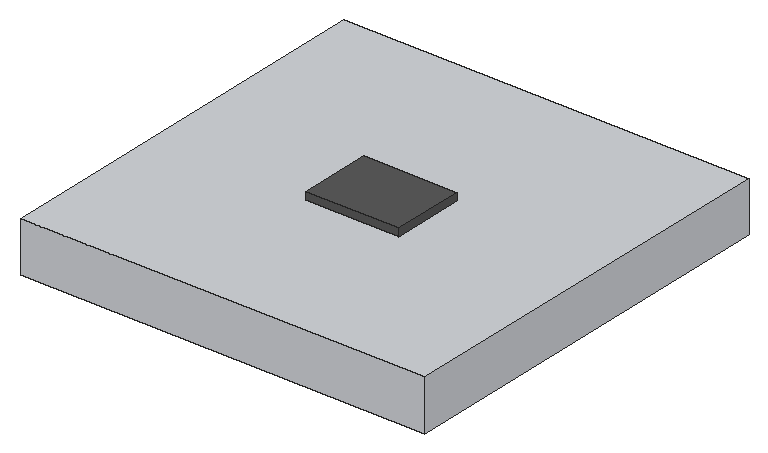
Revit family "r2018_videomax_videoserver_stoechnogo_ispolneniya", category Устройства связи, Revit 2018 (continued)
Definition of nested family "videomax_19pro1u"
  Lines and regions (mm)
    model lines, visible <- "Front_500", detail levels fine
      curve 217: circle (-27.021, 36.431, 0) r 1.924 normal (0, 0, 1)
      curve 218: circle (-22.907, 39.638, 0) r 1.924 normal (0, 0, 1)
      curve 219: circle (-18.794, 36.336, 0) r 1.924 normal (0, 0, 1)
      curve 220: circle (-14.68, 39.543, 0) r 1.924 normal (0, 0, 1)
      curve 221: circle (-10.566, 36.242, 0) r 1.924 normal (0, 0, 1)
      curve 222: circle (-6.452, 39.449, 0) r 1.924 normal (0, 0, 1)
      curve 223: circle (-2.338, 36.431, 0) r 1.924 normal (0, 0, 1)
      curve 224: circle (1.775, 39.638, 0) r 1.924 normal (0, 0, 1)
      curve 225: circle (5.889, 36.195, 0) r 1.924 normal (0, 0, 1)
      curve 226: circle (10.003, 39.402, 0) r 1.924 normal (0, 0, 1)
      curve 227: circle (14.116, 36.336, 0) r 1.924 normal (0, 0, 1)
      curve 228: circle (18.23, 39.543, 0) r 1.924 normal (0, 0, 1)
      curve 229: circle (22.344, 36.242, 0) r 1.924 normal (0, 0, 1)
      curve 230: circle (26.458, 39.449, 0) r 1.924 normal (0, 0, 1)
      curve 231: circle (30.571, 36.431, 0) r 1.924 normal (0, 0, 1)
      curve 232: circle (34.685, 39.638, 0) r 1.924 normal (0, 0, 1)
      curve 233: circle (38.799, 36.336, 0) r 1.924 normal (0, 0, 1)
      curve 234: circle (42.912, 39.543, 0) r 1.924 normal (0, 0, 1)
      curve 235: circle (55.254, 36.431, 0) r 1.924 normal (0, 0, 1)
      curve 236: circle (59.368, 39.638, 0) r 1.924 normal (0, 0, 1)
      curve 237: circle (47.026, 36.242, 0) r 1.924 normal (0, 0, 1)
      curve 238: circle (51.14, 39.449, 0) r 1.924 normal (0, 0, 1)
      curve 239: circle (63.481, 36.195, 0) r 1.924 normal (0, 0, 1)
      curve 240: circle (67.595, 39.402, 0) r 1.924 normal (0, 0, 1)
      curve 241: circle (71.709, 36.336, 0) r 1.924 normal (0, 0, 1)
      curve 242: circle (75.822, 39.543, 0) r 1.924 normal (0, 0, 1)
      curve 243: circle (79.936, 36.242, 0) r 1.924 normal (0, 0, 1)
      curve 244: circle (84.05, 39.449, 0) r 1.924 normal (0, 0, 1)
      curve 245: circle (88.164, 36.431, 0) r 1.924 normal (0, 0, 1)
      curve 246: circle (92.277, 39.638, 0) r 1.924 normal (0, 0, 1)
      curve 247: circle (96.391, 36.336, 0) r 1.924 normal (0, 0, 1)
      curve 248: circle (100.505, 39.543, 0) r 1.924 normal (0, 0, 1)
      curve 249: circle (104.619, 36.242, 0) r 1.924 normal (0, 0, 1)
      curve 250: circle (108.732, 39.449, 0) r 1.924 normal (0, 0, 1)
      curve 251: circle (112.846, 36.431, 0) r 1.924 normal (0, 0, 1)
      curve 252: circle (116.96, 39.638, 0) r 1.924 normal (0, 0, 1)
      curve 253: circle (121.074, 36.195, 0) r 1.924 normal (0, 0, 1)
      curve 254: circle (125.187, 39.402, 0) r 1.924 normal (0, 0, 1)
      curve 255: circle (129.301, 36.336, 0) r 1.924 normal (0, 0, 1)
      curve 256: circle (133.415, 39.543, 0) r 1.924 normal (0, 0, 1)
      curve 257: circle (137.528, 36.242, 0) r 1.924 normal (0, 0, 1)
      curve 258: circle (141.642, 39.449, 0) r 1.924 normal (0, 0, 1)
      curve 259: circle (145.756, 36.431, 0) r 1.924 normal (0, 0, 1)
      curve 260: circle (149.87, 39.638, 0) r 1.924 normal (0, 0, 1)
      curve 261: circle (153.676, 36.431, 0) r 1.924 normal (0, 0, 1)
      curve 262: circle (157.79, 39.638, 0) r 1.924 normal (0, 0, 1)
      curve 263: circle (170.131, 36.525, 0) r 1.924 normal (0, 0, 1)
      curve 264: circle (174.245, 39.732, 0) r 1.924 normal (0, 0, 1)
      curve 265: circle (161.904, 36.336, 0) r 1.924 normal (0, 0, 1)
      curve 266: circle (166.017, 39.543, 0) r 1.924 normal (0, 0, 1)
      curve 267: circle (178.359, 36.289, 0) r 1.924 normal (0, 0, 1)
      curve 268: circle (182.472, 39.496, 0) r 1.924 normal (0, 0, 1)
      curve 269: circle (186.586, 36.431, 0) r 1.924 normal (0, 0, 1)
      curve 270: circle (190.7, 39.638, 0) r 1.924 normal (0, 0, 1)
      curve 271: circle (194.814, 36.336, 0) r 1.924 normal (0, 0, 1)
      curve 272: circle (198.927, 39.543, 0) r 1.924 normal (0, 0, 1)
      curve 273: circle (203.041, 36.525, 0) r 1.924 normal (0, 0, 1)
      curve 274: circle (207.155, 39.732, 0) r 1.924 normal (0, 0, 1)
      curve 275: arc (-128.96, 12.208, 0) -> (-131.127, 16.299, 0) -> (-128.961, 20.391, 0) r 4.947
      curve 276: arc (-126.601, 21.995, 0) -> (-125.957, 16.226, 0) -> (-126.634, 10.461, 0) r 25.496
      curve 277: arc (-21.6, 12.208, 0) -> (-23.767, 16.299, 0) -> (-21.601, 20.391, 0) r 4.947
      curve 278: arc (-19.241, 21.995, 0) -> (-18.596, 16.226, 0) -> (-19.274, 10.461, 0) r 25.496
      curve 279: arc (85.773, 12.208, 0) -> (83.606, 16.299, 0) -> (85.772, 20.391, 0) r 4.947
      curve 280: arc (88.132, 21.995, 0) -> (88.777, 16.226, 0) -> (88.099, 10.461, 0) r 25.496
      curve 281: arc (193.146, 12.208, 0) -> (190.979, 16.299, 0) -> (193.145, 20.391, 0) r 4.947
      curve 282: arc (195.505, 21.995, 0) -> (196.15, 16.226, 0) -> (195.472, 10.461, 0) r 25.496
      curve 287: circle (-84.613, 36.43, 0) r 1.924 normal (0, 0, 1)
      curve 422: line (-211.792, 26.804, 0) -> (-211.781, 29.174, 0)
      curve 423: line (-211.781, 29.174, 0) -> (-110.433, 29.174, 0)
      curve 424: line (-110.433, 29.174, 0) -> (-110.433, 2.915, 0)
      curve 425: line (-110.433, 2.915, 0) -> (-112.937, 2.961, 0)
      curve 426: line (-112.937, 2.961, 0) -> (-211.128, 2.961, 0)
      curve 427: line (-211.128, 2.961, 0) -> (-211.763, 2.944, 0)
      curve 428: line (-211.763, 2.944, 0) -> (-211.763, 26.804, 0)
      curve 429: line (-211.763, 2.944, 0) -> (-180.33, 5.571, 0)
      curve 430: line (-180.33, 5.571, 0) -> (-147.369, 7.2, 0)
      curve 431: line (-147.369, 7.2, 0) -> (-125.124, 7.943, 0)
      curve 432: line (-125.124, 7.943, 0) -> (-125.124, 9.328, 0)
      curve 433: line (-125.124, 9.328, 0) -> (-128.96, 12.208, 0)
      curve 434: line (-128.961, 20.391, 0) -> (-125.119, 23.002, 0)
      curve 435: line (-125.119, 23.002, 0) -> (-125.119, 24.405, 0)
      curve 436: line (-125.119, 24.405, 0) -> (-148.824, 24.987, 0)
      curve 437: line (-148.824, 24.987, 0) -> (-181.836, 26.552, 0)
      curve 438: line (-181.836, 26.552, 0) -> (-211.781, 29.174, 0)
      curve 439: line (-192.212, 27.461, 0) -> (-112.168, 27.461, 0)
      curve 440: line (-112.168, 27.461, 0) -> (-112.168, 4.731, 0)
      curve 441: line (-112.168, 4.731, 0) -> (-190.383, 4.731, 0)
      curve 442: line (-183.181, 10.222, 0) -> (-182.896, 10.062, 0)
      curve 443: line (-182.896, 10.062, 0) -> (-181.848, 10.049, 0)
      curve 444: line (-181.848, 10.049, 0) -> (-180.522, 10.055, 0)
      curve 445: line (-180.522, 10.055, 0) -> (-180.536, 10.61, 0)
      curve 446: line (-180.536, 10.61, 0) -> (-180.536, 20.405, 0)
      curve 447: line (-180.536, 20.405, 0) -> (-180.565, 22.319, 0)
      curve 448: line (-180.565, 22.319, 0) -> (-181.373, 22.316, 0)
      curve 449: line (-181.373, 22.316, 0) -> (-183.181, 22.316, 0)
      curve 450: line (-183.181, 22.316, 0) -> (-183.181, 10.222, 0)
      curve 451: line (-171.404, 10.19, 0) -> (-171.118, 10.03, 0)
      curve 452: line (-171.118, 10.03, 0) -> (-170.07, 10.017, 0)
      curve 453: line (-170.07, 10.017, 0) -> (-168.744, 10.024, 0)
      curve 454: line (-168.744, 10.024, 0) -> (-168.758, 10.578, 0)
      curve 455: line (-168.758, 10.578, 0) -> (-168.758, 20.373, 0)
      curve 456: line (-168.758, 20.373, 0) -> (-168.788, 22.288, 0)
      curve 457: line (-168.788, 22.288, 0) -> (-169.595, 22.284, 0)
      curve 458: line (-169.595, 22.284, 0) -> (-171.404, 22.284, 0)
      curve 459: line (-171.404, 22.284, 0) -> (-171.404, 10.19, 0)
      curve 460: line (-159.661, 10.238, 0) -> (-159.375, 10.078, 0)
      curve 461: line (-159.375, 10.078, 0) -> (-158.328, 10.066, 0)
      curve 462: line (-158.328, 10.066, 0) -> (-157.001, 10.072, 0)
      curve 463: line (-157.001, 10.072, 0) -> (-157.015, 10.626, 0)
      curve 464: line (-157.015, 10.626, 0) -> (-157.015, 20.421, 0)
      curve 465: line (-157.015, 20.421, 0) -> (-157.045, 22.336, 0)
      curve 466: line (-157.045, 22.336, 0) -> (-157.852, 22.332, 0)
      curve 467: line (-157.852, 22.332, 0) -> (-159.661, 22.332, 0)
      curve 468: line (-159.661, 22.332, 0) -> (-159.661, 10.238, 0)
      curve 469: line (-147.908, 10.222, 0) -> (-147.623, 10.062, 0)
      curve 470: line (-147.623, 10.062, 0) -> (-146.575, 10.05, 0)
      curve 471: line (-146.575, 10.05, 0) -> (-145.249, 10.056, 0)
      curve 472: line (-145.249, 10.056, 0) -> (-145.262, 10.611, 0)
      curve 473: line (-145.262, 10.611, 0) -> (-145.262, 20.405, 0)
      curve 474: line (-145.262, 20.405, 0) -> (-145.292, 22.32, 0)
      curve 475: line (-145.292, 22.32, 0) -> (-146.1, 22.316, 0)
      curve 476: line (-146.1, 22.316, 0) -> (-147.908, 22.316, 0)
      curve 477: line (-147.908, 22.316, 0) -> (-147.908, 10.222, 0)
      curve 478: line (-104.432, 26.804, 0) -> (-104.421, 29.174, 0)
      curve 479: line (-104.421, 29.174, 0) -> (-3.073, 29.174, 0)
      curve 480: line (-3.073, 29.174, 0) -> (-3.073, 2.915, 0)
      curve 481: line (-3.073, 2.915, 0) -> (-5.577, 2.961, 0)
      curve 482: line (-5.577, 2.961, 0) -> (-103.768, 2.961, 0)
      curve 483: line (-103.768, 2.961, 0) -> (-104.403, 2.944, 0)
      curve 484: line (-104.403, 2.944, 0) -> (-104.403, 26.804, 0)
      curve 485: line (-104.403, 2.944, 0) -> (-72.97, 5.571, 0)
      curve 486: line (-72.97, 5.571, 0) -> (-40.008, 7.2, 0)
      curve 487: line (-40.008, 7.2, 0) -> (-17.763, 7.943, 0)
      curve 488: line (-17.763, 7.943, 0) -> (-17.763, 9.328, 0)
      curve 489: line (-17.763, 9.328, 0) -> (-21.6, 12.208, 0)
      curve 490: line (-21.601, 20.391, 0) -> (-17.759, 23.002, 0)
      curve 491: line (-17.759, 23.002, 0) -> (-17.759, 24.405, 0)
      curve 492: line (-17.759, 24.405, 0) -> (-41.464, 24.987, 0)
      curve 493: line (-41.464, 24.987, 0) -> (-74.476, 26.552, 0)
      curve 494: line (-74.476, 26.552, 0) -> (-104.421, 29.174, 0)
      curve 495: line (-84.852, 27.461, 0) -> (-4.808, 27.461, 0)
      curve 496: line (-4.808, 27.461, 0) -> (-4.808, 4.731, 0)
      curve 497: line (-4.808, 4.731, 0) -> (-83.023, 4.731, 0)
      curve 498: line (-75.821, 10.222, 0) -> (-75.536, 10.062, 0)
      curve 499: line (-75.536, 10.062, 0) -> (-74.488, 10.049, 0)
      curve 500: line (-74.488, 10.049, 0) -> (-73.162, 10.055, 0)
      curve 501: line (-73.162, 10.055, 0) -> (-73.175, 10.61, 0)
      curve 502: line (-73.175, 10.61, 0) -> (-73.175, 20.405, 0)
      curve 503: line (-73.175, 20.405, 0) -> (-73.205, 22.319, 0)
      curve 504: line (-73.205, 22.319, 0) -> (-74.012, 22.316, 0)
      curve 505: line (-74.012, 22.316, 0) -> (-75.821, 22.316, 0)
      curve 506: line (-75.821, 22.316, 0) -> (-75.821, 10.222, 0)
      curve 507: line (-64.043, 10.19, 0) -> (-63.758, 10.03, 0)
      curve 508: line (-63.758, 10.03, 0) -> (-62.71, 10.017, 0)
      curve 509: line (-62.71, 10.017, 0) -> (-61.384, 10.024, 0)
      curve 510: line (-61.384, 10.024, 0) -> (-61.397, 10.578, 0)
      curve 511: line (-61.397, 10.578, 0) -> (-61.397, 20.373, 0)
      curve 512: line (-61.397, 20.373, 0) -> (-61.427, 22.288, 0)
      curve 513: line (-61.427, 22.288, 0) -> (-62.235, 22.284, 0)
      curve 514: line (-62.235, 22.284, 0) -> (-64.043, 22.284, 0)
      curve 515: line (-64.043, 22.284, 0) -> (-64.043, 10.19, 0)
      curve 516: line (-52.301, 10.238, 0) -> (-52.015, 10.078, 0)
      curve 517: line (-52.015, 10.078, 0) -> (-50.968, 10.066, 0)
      curve 518: line (-50.968, 10.066, 0) -> (-49.641, 10.072, 0)
      curve 519: line (-49.641, 10.072, 0) -> (-49.655, 10.626, 0)
      curve 520: line (-49.655, 10.626, 0) -> (-49.655, 20.421, 0)
      curve 521: line (-49.655, 20.421, 0) -> (-49.685, 22.336, 0)
      curve 522: line (-49.685, 22.336, 0) -> (-50.492, 22.332, 0)
      curve 523: line (-50.492, 22.332, 0) -> (-52.301, 22.332, 0)
      curve 524: line (-52.301, 22.332, 0) -> (-52.301, 10.238, 0)
      curve 525: line (-40.548, 10.222, 0) -> (-40.263, 10.062, 0)
      curve 526: line (-40.263, 10.062, 0) -> (-39.215, 10.05, 0)
      curve 527: line (-39.215, 10.05, 0) -> (-37.888, 10.056, 0)
      curve 528: line (-37.888, 10.056, 0) -> (-37.902, 10.611, 0)
      curve 529: line (-37.902, 10.611, 0) -> (-37.902, 20.405, 0)
      curve 530: line (-37.902, 20.405, 0) -> (-37.932, 22.32, 0)
      curve 531: line (-37.932, 22.32, 0) -> (-38.739, 22.316, 0)
      curve 532: line (-38.739, 22.316, 0) -> (-40.548, 22.316, 0)
      curve 533: line (-40.548, 22.316, 0) -> (-40.548, 10.222, 0)
      curve 534: line (2.941, 26.804, 0) -> (2.952, 29.174, 0)
      curve 535: line (2.952, 29.174, 0) -> (104.3, 29.174, 0)
      curve 536: line (104.3, 29.174, 0) -> (104.3, 2.915, 0)
      curve 537: line (104.3, 2.915, 0) -> (101.796, 2.961, 0)
      curve 538: line (101.796, 2.961, 0) -> (3.605, 2.961, 0)
      curve 539: line (3.605, 2.961, 0) -> (2.97, 2.944, 0)
      curve 540: line (2.97, 2.944, 0) -> (2.97, 26.804, 0)
      curve 541: line (2.97, 2.944, 0) -> (34.403, 5.571, 0)
      curve 542: line (34.403, 5.571, 0) -> (67.365, 7.2, 0)
      curve 543: line (67.365, 7.2, 0) -> (89.61, 7.943, 0)
      curve 544: line (89.61, 7.943, 0) -> (89.61, 9.328, 0)
      curve 545: line (89.61, 9.328, 0) -> (85.773, 12.208, 0)
      curve 546: line (85.772, 20.391, 0) -> (89.614, 23.002, 0)
      curve 547: line (89.614, 23.002, 0) -> (89.614, 24.405, 0)
      curve 548: line (89.614, 24.405, 0) -> (65.909, 24.987, 0)
      curve 549: line (65.909, 24.987, 0) -> (32.897, 26.552, 0)
      curve 550: line (32.897, 26.552, 0) -> (2.952, 29.174, 0)
      curve 551: line (22.521, 27.461, 0) -> (102.565, 27.461, 0)
      curve 552: line (102.565, 27.461, 0) -> (102.565, 4.731, 0)
      curve 553: line (102.565, 4.731, 0) -> (24.35, 4.731, 0)
      curve 554: line (31.552, 10.222, 0) -> (31.837, 10.062, 0)
      curve 555: line (31.837, 10.062, 0) -> (32.885, 10.049, 0)
      curve 556: line (32.885, 10.049, 0) -> (34.211, 10.055, 0)
      curve 557: line (34.211, 10.055, 0) -> (34.198, 10.61, 0)
      curve 558: line (34.198, 10.61, 0) -> (34.198, 20.405, 0)
      curve 559: line (34.198, 20.405, 0) -> (34.168, 22.319, 0)
      curve 560: line (34.168, 22.319, 0) -> (33.361, 22.316, 0)
      curve 561: line (33.361, 22.316, 0) -> (31.552, 22.316, 0)
      curve 562: line (31.552, 22.316, 0) -> (31.552, 10.222, 0)
      curve 563: line (43.33, 10.19, 0) -> (43.615, 10.03, 0)
      curve 564: line (43.615, 10.03, 0) -> (44.663, 10.017, 0)
      curve 565: line (44.663, 10.017, 0) -> (45.989, 10.024, 0)
      curve 566: line (45.989, 10.024, 0) -> (45.976, 10.578, 0)
      curve 567: line (45.976, 10.578, 0) -> (45.976, 20.373, 0)
      curve 568: line (45.976, 20.373, 0) -> (45.946, 22.288, 0)
      curve 569: line (45.946, 22.288, 0) -> (45.138, 22.284, 0)
      curve 570: line (45.138, 22.284, 0) -> (43.33, 22.284, 0)
      curve 571: line (43.33, 22.284, 0) -> (43.33, 10.19, 0)
      curve 572: line (55.072, 10.238, 0) -> (55.358, 10.078, 0)
      curve 573: line (55.358, 10.078, 0) -> (56.405, 10.066, 0)
      curve 574: line (56.405, 10.066, 0) -> (57.732, 10.072, 0)
      curve 575: line (57.732, 10.072, 0) -> (57.718, 10.626, 0)
      curve 576: line (57.718, 10.626, 0) -> (57.718, 20.421, 0)
      curve 577: line (57.718, 20.421, 0) -> (57.688, 22.336, 0)
      curve 578: line (57.688, 22.336, 0) -> (56.881, 22.332, 0)
      curve 579: line (56.881, 22.332, 0) -> (55.072, 22.332, 0)
      curve 580: line (55.072, 22.332, 0) -> (55.072, 10.238, 0)
      curve 581: line (66.825, 10.222, 0) -> (67.11, 10.062, 0)
      curve 582: line (67.11, 10.062, 0) -> (68.158, 10.05, 0)
      curve 583: line (68.158, 10.05, 0) -> (69.485, 10.056, 0)
      curve 584: line (69.485, 10.056, 0) -> (69.471, 10.611, 0)
      curve 585: line (69.471, 10.611, 0) -> (69.471, 20.405, 0)
      curve 586: line (69.471, 20.405, 0) -> (69.441, 22.32, 0)
      curve 587: line (69.441, 22.32, 0) -> (68.634, 22.316, 0)
      curve 588: line (68.634, 22.316, 0) -> (66.825, 22.316, 0)
      curve 589: line (66.825, 22.316, 0) -> (66.825, 10.222, 0)
      curve 590: line (110.314, 26.804, 0) -> (110.325, 29.174, 0)
      curve 591: line (110.325, 29.174, 0) -> (211.673, 29.174, 0)
      curve 592: line (211.673, 29.174, 0) -> (211.673, 2.915, 0)
      curve 593: line (211.673, 2.915, 0) -> (209.169, 2.961, 0)
      curve 594: line (209.169, 2.961, 0) -> (110.978, 2.961, 0)
      curve 595: line (110.978, 2.961, 0) -> (110.343, 2.944, 0)
      curve 596: line (110.343, 2.944, 0) -> (110.343, 26.804, 0)
      curve 597: line (110.343, 2.944, 0) -> (141.776, 5.571, 0)
      curve 598: line (141.776, 5.571, 0) -> (174.738, 7.2, 0)
      curve 599: line (174.738, 7.2, 0) -> (196.983, 7.943, 0)
      curve 600: line (196.983, 7.943, 0) -> (196.983, 9.328, 0)
      curve 601: line (196.983, 9.328, 0) -> (193.146, 12.208, 0)
      curve 602: line (193.145, 20.391, 0) -> (196.987, 23.002, 0)
      curve 603: line (196.987, 23.002, 0) -> (196.987, 24.405, 0)
      curve 604: line (196.987, 24.405, 0) -> (173.282, 24.987, 0)
      curve 605: line (173.282, 24.987, 0) -> (140.27, 26.552, 0)
      curve 606: line (140.27, 26.552, 0) -> (110.325, 29.174, 0)
      curve 607: line (129.894, 27.461, 0) -> (209.938, 27.461, 0)
      curve 608: line (209.938, 27.461, 0) -> (209.938, 4.731, 0)
      curve 609: line (209.938, 4.731, 0) -> (131.723, 4.731, 0)
      curve 610: line (138.925, 10.222, 0) -> (139.21, 10.062, 0)
      curve 611: line (139.21, 10.062, 0) -> (140.258, 10.049, 0)
      curve 612: line (140.258, 10.049, 0) -> (141.584, 10.055, 0)
      curve 613: line (141.584, 10.055, 0) -> (141.571, 10.61, 0)
      curve 614: line (141.571, 10.61, 0) -> (141.571, 20.405, 0)
      curve 615: line (141.571, 20.405, 0) -> (141.541, 22.319, 0)
      curve 616: line (141.541, 22.319, 0) -> (140.733, 22.316, 0)
      curve 617: line (140.733, 22.316, 0) -> (138.925, 22.316, 0)
      curve 618: line (138.925, 22.316, 0) -> (138.925, 10.222, 0)
      curve 619: line (150.703, 10.19, 0) -> (150.988, 10.03, 0)
      curve 620: line (150.988, 10.03, 0) -> (152.036, 10.017, 0)
      curve 621: line (152.036, 10.017, 0) -> (153.362, 10.024, 0)
      curve 622: line (153.362, 10.024, 0) -> (153.348, 10.578, 0)
      curve 623: line (153.348, 10.578, 0) -> (153.348, 20.373, 0)
      curve 624: line (153.348, 20.373, 0) -> (153.319, 22.288, 0)
      curve 625: line (153.319, 22.288, 0) -> (152.511, 22.284, 0)
      curve 626: line (152.511, 22.284, 0) -> (150.703, 22.284, 0)
      curve 627: line (150.703, 22.284, 0) -> (150.703, 10.19, 0)
      curve 628: line (162.445, 10.238, 0) -> (162.731, 10.078, 0)
      curve 629: line (162.731, 10.078, 0) -> (163.778, 10.066, 0)
      curve 630: line (163.778, 10.066, 0) -> (165.105, 10.072, 0)
      curve 631: line (165.105, 10.072, 0) -> (165.091, 10.626, 0)
      curve 632: line (165.091, 10.626, 0) -> (165.091, 20.421, 0)
      curve 633: line (165.091, 20.421, 0) -> (165.061, 22.336, 0)
      curve 634: line (165.061, 22.336, 0) -> (164.254, 22.332, 0)
      curve 635: line (164.254, 22.332, 0) -> (162.445, 22.332, 0)
      curve 636: line (162.445, 22.332, 0) -> (162.445, 10.238, 0)
      curve 637: line (174.198, 10.222, 0) -> (174.483, 10.062, 0)
      curve 638: line (174.483, 10.062, 0) -> (175.531, 10.05, 0)
      curve 639: line (175.531, 10.05, 0) -> (176.857, 10.056, 0)
      curve 640: line (176.857, 10.056, 0) -> (176.844, 10.611, 0)
      curve 641: line (176.844, 10.611, 0) -> (176.844, 20.405, 0)
      curve 642: line (176.844, 20.405, 0) -> (176.814, 22.32, 0)
      curve 643: line (176.814, 22.32, 0) -> (176.007, 22.316, 0)
      curve 644: line (176.007, 22.316, 0) -> (174.198, 22.316, 0)
      curve 645: line (174.198, 22.316, 0) -> (174.198, 10.222, 0)
      curve 661: line (-202.115, 38.779, 0) -> (-192.229, 38.779, 0)
      curve 666: line (-185.38, 38.779, 0) -> (-175.493, 38.779, 0)
      curve 675: circle (179.595, 1306.915, 0) r 1.924 normal (0, 0, 1)
      curve 676: circle (183.708, 1303.613, 0) r 1.924 normal (0, 0, 1)
      curve 677: circle (187.822, 1306.821, 0) r 1.924 normal (0, 0, 1)
      curve 678: circle (200.164, 1303.708, 0) r 1.924 normal (0, 0, 1)
      curve 679: circle (204.277, 1306.915, 0) r 1.924 normal (0, 0, 1)
      curve 680: circle (191.936, 1303.519, 0) r 1.924 normal (0, 0, 1)
      curve 681: circle (196.05, 1306.726, 0) r 1.924 normal (0, 0, 1)
      curve 682: circle (208.391, 1303.472, 0) r 1.924 normal (0, 0, 1)
      curve 683: circle (212.505, 1306.679, 0) r 1.924 normal (0, 0, 1)
      curve 684: circle (216.618, 1303.613, 0) r 1.924 normal (0, 0, 1)
      curve 685: circle (220.732, 1306.821, 0) r 1.924 normal (0, 0, 1)
      curve 686: circle (224.846, 1303.519, 0) r 1.924 normal (0, 0, 1)
      curve 687: circle (228.96, 1306.726, 0) r 1.924 normal (0, 0, 1)
      curve 688: circle (233.073, 1303.708, 0) r 1.924 normal (0, 0, 1)
      curve 689: circle (237.187, 1306.915, 0) r 1.924 normal (0, 0, 1)
      curve 690: circle (241.301, 1303.613, 0) r 1.924 normal (0, 0, 1)
      curve 691: circle (245.415, 1306.821, 0) r 1.924 normal (0, 0, 1)
      curve 692: circle (249.528, 1303.519, 0) r 1.924 normal (0, 0, 1)
      curve 693: circle (253.642, 1306.726, 0) r 1.924 normal (0, 0, 1)
      curve 694: circle (257.756, 1303.708, 0) r 1.924 normal (0, 0, 1)
      curve 695: circle (261.87, 1306.915, 0) r 1.924 normal (0, 0, 1)
      curve 696: circle (265.983, 1303.472, 0) r 1.924 normal (0, 0, 1)
      curve 697: circle (270.097, 1306.679, 0) r 1.924 normal (0, 0, 1)
      curve 698: circle (274.211, 1303.613, 0) r 1.924 normal (0, 0, 1)
      curve 699: circle (278.324, 1306.821, 0) r 1.924 normal (0, 0, 1)
      curve 700: circle (282.438, 1303.519, 0) r 1.924 normal (0, 0, 1)
      curve 701: circle (286.552, 1306.726, 0) r 1.924 normal (0, 0, 1)
      curve 702: circle (290.666, 1303.708, 0) r 1.924 normal (0, 0, 1)
      curve 703: circle (294.779, 1306.915, 0) r 1.924 normal (0, 0, 1)
      curve 704: circle (298.893, 1303.613, 0) r 1.924 normal (0, 0, 1)
      curve 705: circle (303.007, 1306.821, 0) r 1.924 normal (0, 0, 1)
      curve 706: circle (315.348, 1303.708, 0) r 1.924 normal (0, 0, 1)
      curve 707: circle (319.462, 1306.915, 0) r 1.924 normal (0, 0, 1)
      curve 708: circle (307.121, 1303.519, 0) r 1.924 normal (0, 0, 1)
      curve 709: circle (311.234, 1306.726, 0) r 1.924 normal (0, 0, 1)
      curve 710: circle (323.576, 1303.472, 0) r 1.924 normal (0, 0, 1)
      curve 711: circle (327.689, 1306.679, 0) r 1.924 normal (0, 0, 1)
      curve 712: circle (331.803, 1303.613, 0) r 1.924 normal (0, 0, 1)
      curve 713: circle (335.917, 1306.821, 0) r 1.924 normal (0, 0, 1)
      curve 714: circle (340.03, 1303.519, 0) r 1.924 normal (0, 0, 1)
      curve 715: circle (344.144, 1306.726, 0) r 1.924 normal (0, 0, 1)
      curve 716: circle (348.258, 1303.708, 0) r 1.924 normal (0, 0, 1)
      curve 717: circle (352.372, 1306.915, 0) r 1.924 normal (0, 0, 1)
      curve 718: circle (356.485, 1303.613, 0) r 1.924 normal (0, 0, 1)
      curve 719: circle (360.599, 1306.821, 0) r 1.924 normal (0, 0, 1)
      curve 720: circle (364.713, 1303.519, 0) r 1.924 normal (0, 0, 1)
      curve 721: circle (368.827, 1306.726, 0) r 1.924 normal (0, 0, 1)
      curve 722: circle (372.94, 1303.708, 0) r 1.924 normal (0, 0, 1)
      curve 723: circle (377.054, 1306.915, 0) r 1.924 normal (0, 0, 1)
      curve 724: circle (381.168, 1303.472, 0) r 1.924 normal (0, 0, 1)
      curve 725: circle (385.282, 1306.679, 0) r 1.924 normal (0, 0, 1)
      curve 726: circle (389.395, 1303.613, 0) r 1.924 normal (0, 0, 1)
      curve 727: circle (393.509, 1306.821, 0) r 1.924 normal (0, 0, 1)
      curve 728: circle (397.623, 1303.519, 0) r 1.924 normal (0, 0, 1)
      curve 729: circle (401.737, 1306.726, 0) r 1.924 normal (0, 0, 1)
      curve 730: circle (405.85, 1303.708, 0) r 1.924 normal (0, 0, 1)
      curve 731: circle (409.964, 1306.915, 0) r 1.924 normal (0, 0, 1)
      curve 732: circle (413.77, 1303.708, 0) r 1.924 normal (0, 0, 1)
      curve 733: circle (417.884, 1306.915, 0) r 1.924 normal (0, 0, 1)
      curve 734: circle (430.226, 1303.802, 0) r 1.924 normal (0, 0, 1)
      curve 735: circle (434.339, 1307.009, 0) r 1.924 normal (0, 0, 1)
      curve 736: circle (421.998, 1303.613, 0) r 1.924 normal (0, 0, 1)
      curve 737: circle (426.112, 1306.821, 0) r 1.924 normal (0, 0, 1)
      curve 738: circle (438.453, 1303.566, 0) r 1.924 normal (0, 0, 1)
      curve 739: circle (442.567, 1306.773, 0) r 1.924 normal (0, 0, 1)
      curve 740: circle (446.68, 1303.708, 0) r 1.924 normal (0, 0, 1)
      curve 741: circle (450.794, 1306.915, 0) r 1.924 normal (0, 0, 1)
      curve 742: circle (454.908, 1303.613, 0) r 1.924 normal (0, 0, 1)
      curve 743: circle (459.022, 1306.821, 0) r 1.924 normal (0, 0, 1)
      curve 744: circle (463.135, 1303.802, 0) r 1.924 normal (0, 0, 1)
      curve 745: circle (467.249, 1307.009, 0) r 1.924 normal (0, 0, 1)
      curve 746: arc (131.134, 1279.485, 0) -> (128.967, 1283.576, 0) -> (131.133, 1287.668, 0) r 4.947
      curve 747: arc (133.494, 1289.272, 0) -> (134.138, 1283.504, 0) -> (133.461, 1277.739, 0) r 25.496
      curve 748: arc (238.494, 1279.485, 0) -> (236.327, 1283.576, 0) -> (238.493, 1287.668, 0) r 4.947
      curve 749: arc (240.854, 1289.272, 0) -> (241.498, 1283.504, 0) -> (240.821, 1277.739, 0) r 25.496
      curve 750: arc (345.867, 1279.485, 0) -> (343.7, 1283.576, 0) -> (345.866, 1287.668, 0) r 4.947
      curve 751: arc (348.227, 1289.272, 0) -> (348.871, 1283.504, 0) -> (348.194, 1277.739, 0) r 25.496
      curve 752: arc (453.24, 1279.485, 0) -> (451.073, 1283.576, 0) -> (453.239, 1287.668, 0) r 4.947
      curve 753: arc (455.6, 1289.272, 0) -> (456.244, 1283.504, 0) -> (455.567, 1277.739, 0) r 25.496
      curve 758: circle (175.481, 1303.708, 0) r 1.924 normal (0, 0, 1)
      curve 765: line (48.302, 1294.082, 0) -> (48.313, 1296.451, 0)
      curve 766: line (48.313, 1296.451, 0) -> (149.662, 1296.451, 0)
      curve 767: line (149.662, 1296.451, 0) -> (149.662, 1270.192, 0)
      curve 768: line (149.662, 1270.192, 0) -> (147.158, 1270.238, 0)
      curve 769: line (147.158, 1270.238, 0) -> (48.966, 1270.238, 0)
      curve 770: line (48.966, 1270.238, 0) -> (48.331, 1270.221, 0)
      curve 771: line (48.331, 1270.221, 0) -> (48.331, 1294.082, 0)
      curve 772: line (48.331, 1270.221, 0) -> (79.765, 1272.848, 0)
      curve 773: line (79.765, 1272.848, 0) -> (112.726, 1274.477, 0)
      curve 774: line (112.726, 1274.477, 0) -> (134.971, 1275.22, 0)
      curve 775: line (134.971, 1275.22, 0) -> (134.971, 1276.605, 0)
      curve 776: line (134.971, 1276.605, 0) -> (131.134, 1279.485, 0)
      curve 777: line (131.133, 1287.668, 0) -> (134.975, 1290.279, 0)
      curve 778: line (134.975, 1290.279, 0) -> (134.975, 1291.682, 0)
      curve 779: line (134.975, 1291.682, 0) -> (111.27, 1292.264, 0)
      curve 780: line (111.27, 1292.264, 0) -> (78.258, 1293.829, 0)
      curve 781: line (78.258, 1293.829, 0) -> (48.313, 1296.451, 0)
      curve 782: line (67.883, 1294.738, 0) -> (147.926, 1294.738, 0)
      curve 783: line (147.926, 1294.738, 0) -> (147.926, 1272.008, 0)
      curve 784: line (147.926, 1272.008, 0) -> (69.711, 1272.008, 0)
      curve 785: line (76.913, 1277.499, 0) -> (77.198, 1277.339, 0)
      curve 786: line (77.198, 1277.339, 0) -> (78.246, 1277.326, 0)
      curve 787: line (78.246, 1277.326, 0) -> (79.573, 1277.333, 0)
      curve 788: line (79.573, 1277.333, 0) -> (79.559, 1277.887, 0)
      curve 789: line (79.559, 1277.887, 0) -> (79.559, 1287.682, 0)
      curve 790: line (79.559, 1287.682, 0) -> (79.529, 1289.597, 0)
      curve 791: line (79.529, 1289.597, 0) -> (78.722, 1289.593, 0)
      curve 792: line (78.722, 1289.593, 0) -> (76.913, 1289.593, 0)
      curve 793: line (76.913, 1289.593, 0) -> (76.913, 1277.499, 0)
      curve 794: line (88.691, 1277.467, 0) -> (88.976, 1277.307, 0)
      curve 795: line (88.976, 1277.307, 0) -> (90.024, 1277.295, 0)
      curve 796: line (90.024, 1277.295, 0) -> (91.35, 1277.301, 0)
      curve 797: line (91.35, 1277.301, 0) -> (91.337, 1277.855, 0)
      curve 798: line (91.337, 1277.855, 0) -> (91.337, 1287.65, 0)
      curve 799: line (91.337, 1287.65, 0) -> (91.307, 1289.565, 0)
      curve 800: line (91.307, 1289.565, 0) -> (90.499, 1289.561, 0)
      curve 801: line (90.499, 1289.561, 0) -> (88.691, 1289.561, 0)
      curve 802: line (88.691, 1289.561, 0) -> (88.691, 1277.467, 0)
      curve 803: line (100.433, 1277.515, 0) -> (100.719, 1277.355, 0)
      curve 804: line (100.719, 1277.355, 0) -> (101.767, 1277.343, 0)
      curve 805: line (101.767, 1277.343, 0) -> (103.093, 1277.349, 0)
      curve 806: line (103.093, 1277.349, 0) -> (103.079, 1277.904, 0)
      curve 807: line (103.079, 1277.904, 0) -> (103.079, 1287.698, 0)
      curve 808: line (103.079, 1287.698, 0) -> (103.05, 1289.613, 0)
      curve 809: line (103.05, 1289.613, 0) -> (102.242, 1289.609, 0)
      curve 810: line (102.242, 1289.609, 0) -> (100.433, 1289.609, 0)
      curve 811: line (100.433, 1289.609, 0) -> (100.433, 1277.515, 0)
      curve 812: line (112.186, 1277.5, 0) -> (112.472, 1277.339, 0)
      curve 813: line (112.472, 1277.339, 0) -> (113.519, 1277.327, 0)
      curve 814: line (113.519, 1277.327, 0) -> (114.846, 1277.333, 0)
      curve 815: line (114.846, 1277.333, 0) -> (114.832, 1277.888, 0)
      curve 816: line (114.832, 1277.888, 0) -> (114.832, 1287.683, 0)
      curve 817: line (114.832, 1287.683, 0) -> (114.802, 1289.597, 0)
      curve 818: line (114.802, 1289.597, 0) -> (113.995, 1289.594, 0)
      curve 819: line (113.995, 1289.594, 0) -> (112.186, 1289.594, 0)
      curve 820: line (112.186, 1289.594, 0) -> (112.186, 1277.5, 0)
      curve 821: line (155.662, 1294.082, 0) -> (155.674, 1296.451, 0)
      curve 822: line (155.674, 1296.451, 0) -> (257.022, 1296.451, 0)
      curve 823: line (257.022, 1296.451, 0) -> (257.022, 1270.192, 0)
      curve 824: line (257.022, 1270.192, 0) -> (254.518, 1270.238, 0)
      curve 825: line (254.518, 1270.238, 0) -> (156.326, 1270.238, 0)
      curve 826: line (156.326, 1270.238, 0) -> (155.692, 1270.221, 0)
      curve 827: line (155.692, 1270.221, 0) -> (155.692, 1294.082, 0)
      curve 828: line (155.692, 1270.221, 0) -> (187.125, 1272.848, 0)
      curve 829: line (187.125, 1272.848, 0) -> (220.086, 1274.477, 0)
      curve 830: line (220.086, 1274.477, 0) -> (242.331, 1275.22, 0)
      curve 831: line (242.331, 1275.22, 0) -> (242.331, 1276.605, 0)
      curve 832: line (242.331, 1276.605, 0) -> (238.494, 1279.485, 0)
      curve 833: line (238.493, 1287.668, 0) -> (242.335, 1290.279, 0)
      curve 834: line (242.335, 1290.279, 0) -> (242.335, 1291.682, 0)
      curve 835: line (242.335, 1291.682, 0) -> (218.63, 1292.264, 0)
      curve 836: line (218.63, 1292.264, 0) -> (185.618, 1293.829, 0)
      curve 837: line (185.618, 1293.829, 0) -> (155.674, 1296.451, 0)
      curve 838: line (175.243, 1294.738, 0) -> (255.287, 1294.738, 0)
      curve 839: line (255.287, 1294.738, 0) -> (255.287, 1272.008, 0)
      curve 840: line (255.287, 1272.008, 0) -> (177.072, 1272.008, 0)
      curve 841: line (184.273, 1277.499, 0) -> (184.559, 1277.339, 0)
      curve 842: line (184.559, 1277.339, 0) -> (185.606, 1277.326, 0)
      curve 843: line (185.606, 1277.326, 0) -> (186.933, 1277.333, 0)
      curve 844: line (186.933, 1277.333, 0) -> (186.919, 1277.887, 0)
      curve 845: line (186.919, 1277.887, 0) -> (186.919, 1287.682, 0)
      curve 846: line (186.919, 1287.682, 0) -> (186.889, 1289.597, 0)
      curve 847: line (186.889, 1289.597, 0) -> (186.082, 1289.593, 0)
      curve 848: line (186.082, 1289.593, 0) -> (184.273, 1289.593, 0)
      curve 849: line (184.273, 1289.593, 0) -> (184.273, 1277.499, 0)
      curve 850: line (196.051, 1277.467, 0) -> (196.337, 1277.307, 0)
      curve 851: line (196.337, 1277.307, 0) -> (197.384, 1277.295, 0)
      curve 852: line (197.384, 1277.295, 0) -> (198.711, 1277.301, 0)
      curve 853: line (198.711, 1277.301, 0) -> (198.697, 1277.855, 0)
      curve 854: line (198.697, 1277.855, 0) -> (198.697, 1287.65, 0)
      curve 855: line (198.697, 1287.65, 0) -> (198.667, 1289.565, 0)
      curve 856: line (198.667, 1289.565, 0) -> (197.86, 1289.561, 0)
      curve 857: line (197.86, 1289.561, 0) -> (196.051, 1289.561, 0)
      curve 858: line (196.051, 1289.561, 0) -> (196.051, 1277.467, 0)
      curve 859: line (207.794, 1277.515, 0) -> (208.079, 1277.355, 0)
      curve 860: line (208.079, 1277.355, 0) -> (209.127, 1277.343, 0)
      curve 861: line (209.127, 1277.343, 0) -> (210.453, 1277.349, 0)
      curve 862: line (210.453, 1277.349, 0) -> (210.44, 1277.904, 0)
      curve 863: line (210.44, 1277.904, 0) -> (210.44, 1287.698, 0)
      curve 864: line (210.44, 1287.698, 0) -> (210.41, 1289.613, 0)
      curve 865: line (210.41, 1289.613, 0) -> (209.602, 1289.609, 0)
      curve 866: line (209.602, 1289.609, 0) -> (207.794, 1289.609, 0)
      curve 867: line (207.794, 1289.609, 0) -> (207.794, 1277.515, 0)
      curve 868: line (219.546, 1277.5, 0) -> (219.832, 1277.339, 0)
      curve 869: line (219.832, 1277.339, 0) -> (220.879, 1277.327, 0)
      curve 870: line (220.879, 1277.327, 0) -> (222.206, 1277.333, 0)
      curve 871: line (222.206, 1277.333, 0) -> (222.192, 1277.888, 0)
      curve 872: line (222.192, 1277.888, 0) -> (222.192, 1287.683, 0)
      curve 873: line (222.192, 1287.683, 0) -> (222.162, 1289.597, 0)
      curve 874: line (222.162, 1289.597, 0) -> (221.355, 1289.594, 0)
      curve 875: line (221.355, 1289.594, 0) -> (219.546, 1289.594, 0)
      curve 876: line (219.546, 1289.594, 0) -> (219.546, 1277.5, 0)
      curve 877: line (263.035, 1294.082, 0) -> (263.047, 1296.451, 0)
      curve 878: line (263.047, 1296.451, 0) -> (364.395, 1296.451, 0)
      curve 879: line (364.395, 1296.451, 0) -> (364.395, 1270.192, 0)
      curve 880: line (364.395, 1270.192, 0) -> (361.891, 1270.238, 0)
      curve 881: line (361.891, 1270.238, 0) -> (263.699, 1270.238, 0)
      curve 882: line (263.699, 1270.238, 0) -> (263.065, 1270.221, 0)
      curve 883: line (263.065, 1270.221, 0) -> (263.065, 1294.082, 0)
      curve 884: line (263.065, 1270.221, 0) -> (294.498, 1272.848, 0)
      curve 885: line (294.498, 1272.848, 0) -> (327.459, 1274.477, 0)
      curve 886: line (327.459, 1274.477, 0) -> (349.704, 1275.22, 0)
      curve 887: line (349.704, 1275.22, 0) -> (349.704, 1276.605, 0)
      curve 888: line (349.704, 1276.605, 0) -> (345.867, 1279.485, 0)
      curve 889: line (345.866, 1287.668, 0) -> (349.708, 1290.279, 0)
      curve 890: line (349.708, 1290.279, 0) -> (349.708, 1291.682, 0)
      curve 891: line (349.708, 1291.682, 0) -> (326.003, 1292.264, 0)
      curve 892: line (326.003, 1292.264, 0) -> (292.991, 1293.829, 0)
      curve 893: line (292.991, 1293.829, 0) -> (263.047, 1296.451, 0)
      curve 894: line (282.616, 1294.738, 0) -> (362.66, 1294.738, 0)
      curve 895: line (362.66, 1294.738, 0) -> (362.66, 1272.008, 0)
      curve 896: line (362.66, 1272.008, 0) -> (284.445, 1272.008, 0)
      curve 897: line (291.646, 1277.499, 0) -> (291.932, 1277.339, 0)
      curve 898: line (291.932, 1277.339, 0) -> (292.979, 1277.326, 0)
      curve 899: line (292.979, 1277.326, 0) -> (294.306, 1277.333, 0)
      curve 900: line (294.306, 1277.333, 0) -> (294.292, 1277.887, 0)
      curve 901: line (294.292, 1277.887, 0) -> (294.292, 1287.682, 0)
      curve 902: line (294.292, 1287.682, 0) -> (294.262, 1289.597, 0)
      curve 903: line (294.262, 1289.597, 0) -> (293.455, 1289.593, 0)
      curve 904: line (293.455, 1289.593, 0) -> (291.646, 1289.593, 0)
      curve 905: line (291.646, 1289.593, 0) -> (291.646, 1277.499, 0)
      curve 906: line (303.424, 1277.467, 0) -> (303.71, 1277.307, 0)
      curve 907: line (303.71, 1277.307, 0) -> (304.757, 1277.295, 0)
      curve 908: line (304.757, 1277.295, 0) -> (306.084, 1277.301, 0)
      curve 909: line (306.084, 1277.301, 0) -> (306.07, 1277.855, 0)
      curve 910: line (306.07, 1277.855, 0) -> (306.07, 1287.65, 0)
      curve 911: line (306.07, 1287.65, 0) -> (306.04, 1289.565, 0)
      curve 912: line (306.04, 1289.565, 0) -> (305.233, 1289.561, 0)
      curve 913: line (305.233, 1289.561, 0) -> (303.424, 1289.561, 0)
      curve 914: line (303.424, 1289.561, 0) -> (303.424, 1277.467, 0)
      curve 915: line (315.167, 1277.515, 0) -> (315.452, 1277.355, 0)
      curve 916: line (315.452, 1277.355, 0) -> (316.5, 1277.343, 0)
      curve 917: line (316.5, 1277.343, 0) -> (317.826, 1277.349, 0)
      curve 918: line (317.826, 1277.349, 0) -> (317.813, 1277.904, 0)
      curve 919: line (317.813, 1277.904, 0) -> (317.813, 1287.698, 0)
      curve 920: line (317.813, 1287.698, 0) -> (317.783, 1289.613, 0)
      curve 921: line (317.783, 1289.613, 0) -> (316.975, 1289.609, 0)
      curve 922: line (316.975, 1289.609, 0) -> (315.167, 1289.609, 0)
      curve 923: line (315.167, 1289.609, 0) -> (315.167, 1277.515, 0)
      curve 924: line (326.919, 1277.5, 0) -> (327.205, 1277.339, 0)
      curve 925: line (327.205, 1277.339, 0) -> (328.252, 1277.327, 0)
      curve 926: line (328.252, 1277.327, 0) -> (329.579, 1277.333, 0)
      curve 927: line (329.579, 1277.333, 0) -> (329.565, 1277.888, 0)
      curve 928: line (329.565, 1277.888, 0) -> (329.565, 1287.683, 0)
      curve 929: line (329.565, 1287.683, 0) -> (329.535, 1289.597, 0)
      curve 930: line (329.535, 1289.597, 0) -> (328.728, 1289.594, 0)
      curve 931: line (328.728, 1289.594, 0) -> (326.919, 1289.594, 0)
      curve 932: line (326.919, 1289.594, 0) -> (326.919, 1277.5, 0)
      curve 933: line (370.408, 1294.082, 0) -> (370.42, 1296.451, 0)
      curve 934: line (370.42, 1296.451, 0) -> (471.768, 1296.451, 0)
      curve 935: line (471.768, 1296.451, 0) -> (471.768, 1270.192, 0)
      curve 936: line (471.768, 1270.192, 0) -> (469.264, 1270.238, 0)
      curve 937: line (469.264, 1270.238, 0) -> (371.072, 1270.238, 0)
      curve 938: line (371.072, 1270.238, 0) -> (370.438, 1270.221, 0)
      curve 939: line (370.438, 1270.221, 0) -> (370.438, 1294.082, 0)
      curve 940: line (370.438, 1270.221, 0) -> (401.871, 1272.848, 0)
      curve 941: line (401.871, 1272.848, 0) -> (434.832, 1274.477, 0)
      curve 942: line (434.832, 1274.477, 0) -> (457.077, 1275.22, 0)
      curve 943: line (457.077, 1275.22, 0) -> (457.077, 1276.605, 0)
      curve 944: line (457.077, 1276.605, 0) -> (453.24, 1279.485, 0)
      curve 945: line (453.239, 1287.668, 0) -> (457.081, 1290.279, 0)
      curve 946: line (457.081, 1290.279, 0) -> (457.081, 1291.682, 0)
      curve 947: line (457.081, 1291.682, 0) -> (433.376, 1292.264, 0)
      curve 948: line (433.376, 1292.264, 0) -> (400.364, 1293.829, 0)
      curve 949: line (400.364, 1293.829, 0) -> (370.42, 1296.451, 0)
      curve 950: line (389.989, 1294.738, 0) -> (470.032, 1294.738, 0)
      curve 951: line (470.032, 1294.738, 0) -> (470.032, 1272.008, 0)
      curve 952: line (470.032, 1272.008, 0) -> (391.818, 1272.008, 0)
      curve 953: line (399.019, 1277.499, 0) -> (399.305, 1277.339, 0)
      curve 954: line (399.305, 1277.339, 0) -> (400.352, 1277.326, 0)
      curve 955: line (400.352, 1277.326, 0) -> (401.679, 1277.333, 0)
      curve 956: line (401.679, 1277.333, 0) -> (401.665, 1277.887, 0)
      curve 957: line (401.665, 1277.887, 0) -> (401.665, 1287.682, 0)
      curve 958: line (401.665, 1287.682, 0) -> (401.635, 1289.597, 0)
      curve 959: line (401.635, 1289.597, 0) -> (400.828, 1289.593, 0)
      curve 960: line (400.828, 1289.593, 0) -> (399.019, 1289.593, 0)
      curve 961: line (399.019, 1289.593, 0) -> (399.019, 1277.499, 0)
      curve 962: line (410.797, 1277.467, 0) -> (411.082, 1277.307, 0)
      curve 963: line (411.082, 1277.307, 0) -> (412.13, 1277.295, 0)
      curve 964: line (412.13, 1277.295, 0) -> (413.457, 1277.301, 0)
      curve 965: line (413.457, 1277.301, 0) -> (413.443, 1277.855, 0)
      curve 966: line (413.443, 1277.855, 0) -> (413.443, 1287.65, 0)
      curve 967: line (413.443, 1287.65, 0) -> (413.413, 1289.565, 0)
      curve 968: line (413.413, 1289.565, 0) -> (412.606, 1289.561, 0)
      curve 969: line (412.606, 1289.561, 0) -> (410.797, 1289.561, 0)
      curve 970: line (410.797, 1289.561, 0) -> (410.797, 1277.467, 0)
      curve 971: line (422.54, 1277.515, 0) -> (422.825, 1277.355, 0)
      curve 972: line (422.825, 1277.355, 0) -> (423.873, 1277.343, 0)
      curve 973: line (423.873, 1277.343, 0) -> (425.199, 1277.349, 0)
      curve 974: line (425.199, 1277.349, 0) -> (425.185, 1277.904, 0)
      curve 975: line (425.185, 1277.904, 0) -> (425.185, 1287.698, 0)
      curve 976: line (425.185, 1287.698, 0) -> (425.156, 1289.613, 0)
      curve 977: line (425.156, 1289.613, 0) -> (424.348, 1289.609, 0)
      curve 978: line (424.348, 1289.609, 0) -> (422.54, 1289.609, 0)
      curve 979: line (422.54, 1289.609, 0) -> (422.54, 1277.515, 0)
      curve 980: line (434.292, 1277.5, 0) -> (434.578, 1277.339, 0)
      curve 981: line (434.578, 1277.339, 0) -> (435.625, 1277.327, 0)
      curve 982: line (435.625, 1277.327, 0) -> (436.952, 1277.333, 0)
      curve 983: line (436.952, 1277.333, 0) -> (436.938, 1277.888, 0)
      curve 984: line (436.938, 1277.888, 0) -> (436.938, 1287.683, 0)
      curve 985: line (436.938, 1287.683, 0) -> (436.908, 1289.597, 0)
      curve 986: line (436.908, 1289.597, 0) -> (436.101, 1289.594, 0)
      curve 987: line (436.101, 1289.594, 0) -> (434.292, 1289.594, 0)
      curve 988: line (434.292, 1289.594, 0) -> (434.292, 1277.5, 0)
      curve 1004: line (57.979, 1306.056, 0) -> (67.866, 1306.056, 0)
      curve 1009: line (74.715, 1306.056, 0) -> (84.601, 1306.056, 0)
    model lines, visible <- "Front", detail levels fine
      curve 283: arc (-229.136, 38.471, 0) -> (-226.095, 41.555, 0) -> (-223.054, 38.471, 0) r 3.041
      curve 284: arc (-223.054, 5.452, 0) -> (-226.095, 2.538, 0) -> (-229.136, 5.452, 0) r 3.044
      curve 285: arc (222.387, 38.44, 0) -> (225.428, 41.523, 0) -> (228.469, 38.44, 0) r 3.041
      curve 286: arc (228.469, 5.42, 0) -> (225.428, 2.507, 0) -> (222.387, 5.42, 0) r 3.044
      curve 288: arc (-233.378, 18.324, 0) -> (-237.023, 22, 0) -> (-233.378, 25.676, 0) r 3.676
      curve 289: arc (232.729, 18.292, 0) -> (236.373, 21.968, 0) -> (232.729, 25.644, 0) r 3.676
      curve 290: arc (-241.06, 42.898, 0) -> (-240.47, 43.697, 0) -> (-239.523, 43.999, 0) r 1.612
      curve 291: arc (239.04, 43.999, 0) -> (240.157, 43.736, 0) -> (240.94, 42.898, 0) r 1.977
      curve 292: arc (240.94, 1.592, 0) -> (240.43, 0.508, 0) -> (239.346, 0, 0) r 1.766
      curve 293: arc (-239.346, 0, 0) -> (-240.511, 0.463, 0) -> (-241.06, 1.592, 0) r 1.735
      curve 646: line (-219, 44, 0) -> (219, 44, 0)
      curve 647: line (219, 44, 0) -> (219, 0, 0)
      curve 648: line (219, 0, 0) -> (-219, 0, 0)
      curve 649: line (-219, 0, 0) -> (-219, 44, 0)
      curve 650: line (-214.56, 0, 0) -> (-214.56, 32.03, 0)
      curve 651: line (-214.56, 32.03, 0) -> (214.44, 32.03, 0)
      curve 652: line (214.44, 32.03, 0) -> (214.44, 0, 0)
      curve 653: line (-223.054, 38.471, 0) -> (-223.054, 5.452, 0)
      curve 654: line (-229.136, 5.452, 0) -> (-229.136, 38.471, 0)
      curve 655: line (228.469, 38.44, 0) -> (228.469, 5.42, 0)
      curve 656: line (222.387, 5.42, 0) -> (222.387, 38.44, 0)
      curve 657: line (-204.206, 41.187, 0) -> (-190.138, 41.187, 0)
      curve 658: line (-190.138, 41.187, 0) -> (-190.138, 34.913, 0)
      curve 659: line (-190.138, 34.913, 0) -> (-204.206, 34.913, 0)
      curve 660: line (-204.206, 34.913, 0) -> (-204.206, 41.187, 0)
      curve 662: line (-187.471, 41.187, 0) -> (-173.402, 41.187, 0)
      curve 663: line (-173.402, 41.187, 0) -> (-173.402, 34.913, 0)
      curve 664: line (-173.402, 34.913, 0) -> (-187.471, 34.913, 0)
      curve 665: line (-187.471, 34.913, 0) -> (-187.471, 41.187, 0)
      curve 667: line (-229.136, 18.324, 0) -> (-233.378, 18.324, 0)
      curve 668: line (-233.378, 25.676, 0) -> (-229.136, 25.676, 0)
      curve 669: line (228.469, 18.292, 0) -> (232.729, 18.292, 0)
      curve 670: line (232.729, 25.644, 0) -> (228.469, 25.644, 0)
      curve 671: line (-239.523, 43.999, 0) -> (239.04, 43.999, 0)
      curve 672: line (240.94, 42.898, 0) -> (240.94, 1.592, 0)
      curve 673: line (239.346, 0, 0) -> (-239.346, 0, 0)
      curve 674: line (-241.06, 1.592, 0) -> (-241.06, 42.898, 0)
      curve 754: arc (30.958, 1305.749, 0) -> (33.999, 1308.832, 0) -> (37.04, 1305.749, 0) r 3.041
      curve 755: arc (37.04, 1272.729, 0) -> (33.999, 1269.816, 0) -> (30.958, 1272.729, 0) r 3.044
      curve 756: arc (482.482, 1305.717, 0) -> (485.523, 1308.8, 0) -> (488.564, 1305.717, 0) r 3.041
      curve 757: arc (488.564, 1272.697, 0) -> (485.523, 1269.784, 0) -> (482.482, 1272.697, 0) r 3.044
      curve 759: arc (26.716, 1285.601, 0) -> (23.072, 1289.277, 0) -> (26.716, 1292.953, 0) r 3.676
      curve 760: arc (492.823, 1285.569, 0) -> (496.468, 1289.245, 0) -> (492.823, 1292.922, 0) r 3.676
      curve 761: arc (19.034, 1310.175, 0) -> (19.624, 1310.975, 0) -> (20.571, 1311.276, 0) r 1.612
      curve 762: arc (499.135, 1311.276, 0) -> (500.251, 1311.014, 0) -> (501.034, 1310.175, 0) r 1.977
      curve 763: arc (501.034, 1268.869, 0) -> (500.524, 1267.786, 0) -> (499.44, 1267.277, 0) r 1.766
      curve 764: arc (20.749, 1267.277, 0) -> (19.583, 1267.741, 0) -> (19.034, 1268.869, 0) r 1.735
      curve 989: line (41.094, 1311.277, 0) -> (479.094, 1311.277, 0)
      curve 990: line (479.094, 1311.277, 0) -> (479.094, 1267.277, 0)
      curve 991: line (479.094, 1267.277, 0) -> (41.094, 1267.277, 0)
      curve 992: line (41.094, 1267.277, 0) -> (41.094, 1311.277, 0)
      curve 993: line (45.534, 1267.277, 0) -> (45.534, 1299.307, 0)
      curve 994: line (45.534, 1299.307, 0) -> (474.534, 1299.307, 0)
      curve 995: line (474.534, 1299.307, 0) -> (474.534, 1267.277, 0)
      curve 996: line (37.04, 1305.749, 0) -> (37.04, 1272.729, 0)
      curve 997: line (30.958, 1272.729, 0) -> (30.958, 1305.749, 0)
      curve 998: line (488.564, 1305.717, 0) -> (488.564, 1272.697, 0)
      curve 999: line (482.482, 1272.697, 0) -> (482.482, 1305.717, 0)
      curve 1000: line (55.888, 1308.464, 0) -> (69.957, 1308.464, 0)
      curve 1001: line (69.957, 1308.464, 0) -> (69.957, 1302.19, 0)
      curve 1002: line (69.957, 1302.19, 0) -> (55.888, 1302.19, 0)
      curve 1003: line (55.888, 1302.19, 0) -> (55.888, 1308.464, 0)
      curve 1005: line (72.623, 1308.464, 0) -> (86.692, 1308.464, 0)
      curve 1006: line (86.692, 1308.464, 0) -> (86.692, 1302.19, 0)
      curve 1007: line (86.692, 1302.19, 0) -> (72.623, 1302.19, 0)
      curve 1008: line (72.623, 1302.19, 0) -> (72.623, 1308.464, 0)
      curve 1010: line (30.958, 1285.601, 0) -> (26.716, 1285.601, 0)
      curve 1011: line (26.716, 1292.953, 0) -> (30.958, 1292.953, 0)
      curve 1012: line (488.564, 1285.569, 0) -> (492.823, 1285.569, 0)
      curve 1013: line (492.823, 1292.922, 0) -> (488.564, 1292.922, 0)
      curve 1014: line (20.571, 1311.276, 0) -> (499.135, 1311.276, 0)
      curve 1015: line (501.034, 1310.175, 0) -> (501.034, 1268.869, 0)
      curve 1016: line (499.44, 1267.277, 0) -> (20.749, 1267.277, 0)
      curve 1017: line (19.034, 1268.869, 0) -> (19.034, 1310.175, 0)
    model lines, visible <- "Back", detail levels fine
      curve 294: line (-219, 44, 0) -> (219, 44, 0)
      curve 295: line (219, 44, 0) -> (219, 0, 0)
      curve 296: line (219, 0, 0) -> (-219, 0, 0)
      curve 297: line (-219, 0, 0) -> (-219, 44, 0)
      curve 298: line (94.065, 32.598, 0) -> (200.198, 32.598, 0)
      curve 299: line (200.198, 32.598, 0) -> (200.198, 19.985, 0)
      curve 300: line (200.198, 19.985, 0) -> (94.065, 19.985, 0)
      curve 301: line (94.065, 19.985, 0) -> (94.065, 32.598, 0)
      curve 302: line (94.065, 19.985, 0) -> (94.065, 0, 0)
      curve 303: line (200.198, 32.598, 0) -> (219, 32.598, 0)
      curve 304: line (66.795, 0, 0) -> (66.795, 44, 0)
      curve 305: line (-100.739, 0, 0) -> (-100.739, 44, 0)
      curve 306: line (-154.661, 0, 0) -> (-154.661, 44, 0)
      curve 307: line (-208.583, 0, 0) -> (-208.583, 44, 0)
      curve 1211: line (104.261, 158.193, 0) -> (542.261, 158.193, 0)
      curve 1212: line (542.261, 158.193, 0) -> (542.261, 114.193, 0)
      curve 1213: line (542.261, 114.193, 0) -> (104.261, 114.193, 0)
      curve 1214: line (104.261, 114.193, 0) -> (104.261, 158.193, 0)
      curve 1215: line (417.326, 146.791, 0) -> (523.459, 146.791, 0)
      curve 1216: line (523.459, 146.791, 0) -> (523.459, 134.179, 0)
      curve 1217: line (523.459, 134.179, 0) -> (417.326, 134.179, 0)
      curve 1218: line (417.326, 134.179, 0) -> (417.326, 146.791, 0)
      curve 1219: line (417.326, 134.179, 0) -> (417.326, 114.193, 0)
      curve 1220: line (523.459, 146.791, 0) -> (542.261, 146.791, 0)
      curve 1221: line (390.056, 114.193, 0) -> (390.056, 158.193, 0)
      curve 1222: line (222.522, 114.193, 0) -> (222.522, 158.193, 0)
      curve 1223: line (168.599, 114.193, 0) -> (168.599, 158.193, 0)
      curve 1224: line (114.677, 114.193, 0) -> (114.677, 158.193, 0)
  Dimensions and locks
    aligned and locked: level to plane 2
Types (12, lengths in mm): name | Указания по монтажу | Тип линейки | Минимальная глубина шкафа, мм | Количество входов 230V, шт | Изображение типоразмера | Ширина | Глубина | Высота в U | Высота | Front | Back | ADSK_Обозначение | ADSK_Наименование | 4u4ets_300 | 4u4et_300 | 4u4a_300 | 3s3n_300 | 3ets_300 | 3et_300 | 2s_300 | 2f_300 | 2ets_300 | 2et_300 | 1ets | 1et | 19” 4U (4ETS) | 19” 4U (4ET) | 19” 4U (4A) | 19” 3U (3S, 3N) | 19” 3U (3ETS) | 19” 3U (3ET) | 19” 2U (2S) | 19” 2U (2F) | 19” 2U (2ETS) | 19” 2U (2ET) | 19” 1U (1DTS) | 19” 1U (1DT)
  19” 2U (2S) | "Для монтажа использовать 19” салазки. Изделие комплектуется салазками SR20 либо SR26. Параметры SR20: расстояние между профилями 488 - 546 мм, габариты в сложенном состоянии 500 мм, параметры SR26: расстояние между профилями 572 - 672 мм, габариты в сложенном состоянии 650 мм." | "Standart" | 600 | 1 | 19 (2U.2S).png | 427 | 430 | 2 | 88 | videomax_19 2U (2S) : Front | videomax_19 2U (2S) : Back | "19” 2U (2S)" | "Видеосервер стоечного исполнения 19” 2U (2S)" | no | no | no | no | no | no | yes | no | no | no | no | no | no | no | no | no | no | no | yes | no | no | no | no | no
  19” 4U (4A) | "Для монтажа использовать комплектные 19” салазки с параметрами: расстояние между профилями 488 - 546 мм, габариты в сложенном состоянии 500 мм" | "Standart" | 600 | 1 | 19 4U (4A).jpg | 430 | 450 | 4 | 176 | videomax_19 4U (4A) : Front | videomax_19 4U (4A) : Back | "19” 4U (4A)" | "Видеосервер стоечного исполнения 19” 4U (4A)" | no | no | yes | no | no | no | no | no | no | no | no | no | no | no | yes | no | no | no | no | no | no | no | no | no
  19” 2U (2ET) | "Для монтажа использовать комплектные 19” салазки с параметрами: расстояние между профилями 646 - 940 мм, габариты в сложенном состоянии 757 мм." | "PRO" | 1000 | 2 | 19 (2U).png | 430 | 680 | 2 | 88 | videomax_19 2U (2ET) : Front | videomax_19 2U (2ET) : Back | "19” 2U (2ET)" | "Видеосервер стоечного исполнения 19” 2U (2ET)" | no | no | no | no | no | no | no | no | no | yes | no | no | no | no | no | no | no | no | no | no | no | yes | no | no
  19” 2U (2ETS) | "Для монтажа использовать комплектные 19” салазки с параметрами: расстояние между профилями 646 - 940 мм, габариты в сложенном состоянии 757 мм." | "PRO" | 1000 | 2 | 19 (2U) Short.png | 430 | 560 | 2 | 88 | videomax_19 2U (JBOD) : Front | videomax_19 2U (JBOD) : Back | "19” 2U (2ETS)" | "Видеосервер стоечного исполнения 19” 2U (2ETS)" | no | no | no | no | no | no | no | no | yes | no | no | no | no | no | no | no | no | no | no | no | yes | no | no | no
  19” 2U (2F) | "Для монтажа использовать комплектные 19” салазки SR26 с параметрами: расстояние между профилями 572 - 672 мм, габариты в сложенном состоянии 650 мм." | "Standart" | 1000 | 1 | 19 (2U.2F).png | 430 | 686 | 2 | 88 | videomax_19 2U (2F) : Front | videomax_19 2U (2F) : Back | "19” 2U (2F)" | "Видеосервер стоечного исполнения 19” 2U (2F)" | no | no | no | no | no | no | no | yes | no | no | no | no | no | no | no | no | no | no | no | yes | no | no | no | no
  19” 3U (3ET) | "Для монтажа использовать комплектные 19” салазки с параметрами: расстояние между профилями 646 - 940 мм, габариты в сложенном состоянии 757 мм." | "PRO" | 1000 | 2 | 19 (3U).png | 430 | 680 | 3 | 133 | videomax_19 3U (3ET) : Front | videomax_19 3U (3ET) : Back | "19” 3U (3ET)" | "Видеосервер стоечного исполнения 19” 3U (3ET)" | no | no | no | no | no | yes | no | no | no | no | no | no | no | no | no | no | no | yes | no | no | no | no | no | no
  19” 3U (3S, 3N) | "Для монтажа использовать комплектные 19” салазки SR26 с параметрами: расстояние между профилями 572 - 672 мм, габариты в сложенном состоянии 650 мм." | "Standart" | 800 | 1 | 19 (3U.3S).png | 430 | 530 | 3 | 133 | videomax_19 3U (3S, 3N) : Front | videomax_19 3U (3S, 3N) : Back | "19” 3U (3S, 3N)" | "Видеосервер стоечного исполнения 19” 3U (3S, 3N)" | no | no | no | yes | no | no | no | no | no | no | no | no | no | no | no | yes | no | no | no | no | no | no | no | no
  19” 3U (3ETS) | "Для монтажа использовать комплектные 19” салазки с параметрами: расстояние между профилями 646 - 940 мм, габариты в сложенном состоянии 757 мм." | "PRO" | 1000 | 2 | 19 (3U) Short.png | 430 | 560 | 3 | 133 | videomax_19 3U (JBOD) : Front | videomax_19 3U (JBOD) : Back | "19” 3U (3ETS)" | "Видеосервер стоечного исполнения 19” 3U (3ETS)" | no | no | no | no | yes | no | no | no | no | no | no | no | no | no | no | no | yes | no | no | no | no | no | no | no
  19” 4U (4ET) | "Для монтажа использовать комплектные 19” салазки с параметрами: расстояние между профилями 646 - 940 мм, габариты в сложенном состоянии 757 мм." | "PRO" | 1000 | 2 | 19 (4U).png | 430 | 680 | 4 | 176 | videomax_19 4U (4ET) : Front | videomax_19 4U (4ET) : Back | "19” 4U (4ET)" | "Видеосервер стоечного исполнения 19” 4U (4ET)" | no | yes | no | no | no | no | no | no | no | no | no | no | no | yes | no | no | no | no | no | no | no | no | no | no
  19” 4U (4ETS) | "Для монтажа использовать комплектные 19” салазки с параметрами: расстояние между профилями 646 - 940 мм, габариты в сложенном состоянии 757 мм." | "PRO" | 1000 | 2 | 19 (4U) Short.png | 429 | 560 | 4 | 176 | videomax_19 4U (JBOD) : Front | videomax_19 4U (JBOD) : Back | "19” 4U (4ETS)" | "Видеосервер стоечного исполнения 19” 4U (4ETS)" | yes | no | no | no | no | no | no | no | no | no | no | no | yes | no | no | no | no | no | no | no | no | no | no | no
  19” 1U (1DT) | "Параметры салазок 19” в комплекте с изделием: расстояние между профилями 650 - 1050 мм, габариты в сложенном состоянии 810 мм" | "PRO" | 1000 | 2 | 19 (1U).png | 438 | 680 | 1 | 44 | videomax_19pro1u : Front | videomax_19pro1u : Back | "19\" 1U (1DT)" | "Видеосервер стоечного исполнения 19\" 1U (1DT)" | no | no | no | no | no | no | no | no | no | no | no | yes | no | no | no | no | no | no | no | no | no | no | no | yes
  19” 1U (1DTS) | "Параметры салазок 19” в комплекте с изделием: расстояние между профилями 605-915 мм, габариты в сложенном состоянии 710 мм" | "PRO" | 1000 | 2 | 19 (1U) Short.png | 438 | 560 | 1 | 44 | videomax_19pro1u : Front | videomax_19pro1u : Back | "19\" 1U (1DTS)" | "Видеосервер стоечного исполнения 19\" 1U (1DTS)" | no | no | no | no | no | no | no | no | no | no | yes | no | no | no | no | no | no | no | no | no | no | no | yes | no
